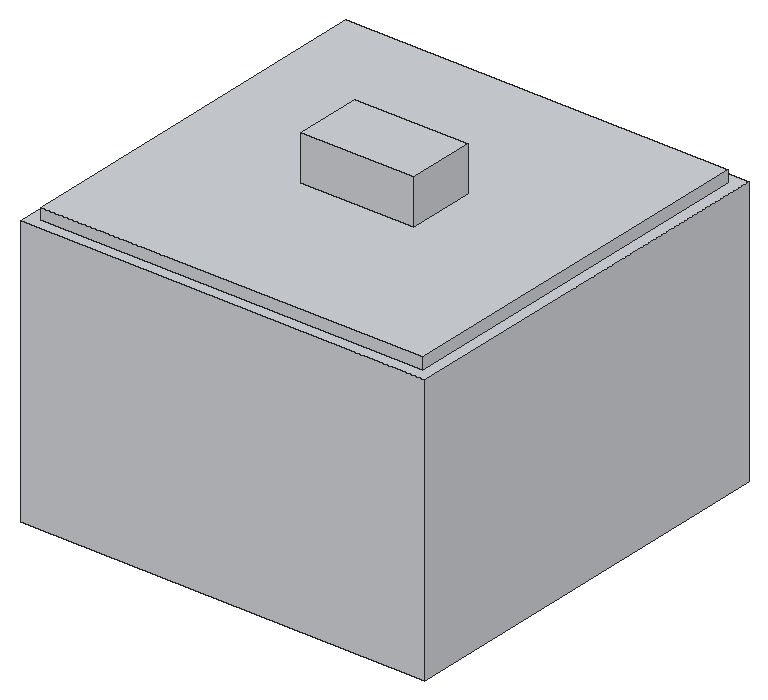
Revit family "e5b680122f734194922703aa4e52d37c", category Air Terminals, Revit 2021
Family settings
  Round Connector Dimension = Use Diameter
  Part Type = Normal
  OmniClass Number = 23.40.40.14.21.11
  OmniClass Title = Food Service Hoods
  Seek Item ID = Condensate Hood - Oven-0000-USA-ENU
  Work Plane-Based = No
  Always vertical = Yes
  Cut with Voids When Loaded = No
  Shared = No
  Room Calculation Point = No
Parameters (values of type "Standard")
  Pressure Drop [instance] = 0.55 in-wg
  Min Flow = 0 CFM
  Max Flow = 3200 CFM
  Hood Width [instance] = 3' - 0"
  Hood Material = none
  Hood Length [instance] = 3' - 0"
  Duct Width [instance] = 10"
  Duct Height [instance] = 6"
  Default Elevation = 0' - 0"
  Air Flow [instance] = 50 FPM * Hood Length * Hood Width  # 450 CFM
Reference planes (in)
  plane 1 "Center (Front/Back)": y = 0
  plane 2: z = 0
  plane 3 "Center (Left/Right)": x = 0
  plane 4: x = -18
  plane 5: x = 18
  plane 6: y = 18
  plane 7: y = -18
  plane 8: x = -17
  plane 9: x = 17
  plane 10: y = 17
  plane 11: y = -17
  plane 12: x = -5
  plane 13: x = 5
  plane 14: y = 3
  plane 15: y = -3
  plane 16: z = 24
  plane 17: z = 25
  plane 18: z = 29
Forms (in)
  Extrusion 1, solid, material <- "Hood Material"
    sketch origin (0, 0, 0) x (1, 0, 0) y (0, 1, 0)
      loop
        line (-18, 18) -> (-18, -18) -> (18, -18) -> (18, 18) -> (-18, 18)
    from 0 to 24
  Extrusion 2, solid, material <- "Hood Material"
    sketch origin (0, 0, 0) x (1, 0, 0) y (0, 1, 0)
      loop
        line (-17, 17) -> (-17, -17) -> (17, -17) -> (17, 17) -> (-17, 17)
    from 24 to 25
  Extrusion 3, solid, material <- "Hood Material"
    sketch origin (0, 0, 0) x (1, 0, 0) y (0, 1, 0)
      loop
        line (-5, 3) -> (-5, -3) -> (5, -3) -> (5, 3) -> (-5, 3)
    from 25 to 29
Cuts and joins
  joined: Extrusion 1, Extrusion 2, Extrusion 3
Dimensions and locks (in)
  equal spacing: plane 6, plane 1 "Center (Front/Back)", plane 7
  equal spacing: plane 4, plane 3 "Center (Left/Right)", plane 5
  "Hood Length": plane 4 to plane 5
  "Hood Width": plane 6 to plane 7
  locked: plane 4 to plane 8 at 1
  locked: plane 9 to plane 5 at 1
  locked: plane 11 to plane 7 at 1
  locked: plane 6 to plane 10 at 1
  equal spacing: plane 12, plane 3 "Center (Left/Right)", plane 13
  equal spacing: plane 14, plane 1 "Center (Front/Back)", plane 15
  "Duct Width": plane 12 to plane 13
  "Duct Height": plane 14 to plane 15
  locked: level to plane 2
  locked: plane 16 to plane 2 at 24
  locked: plane 17 to plane 16 at 1
  locked: plane 18 to plane 16 at 5
  aligned and locked: plane 4 to Extrusion 1 sketch curve
  aligned and locked: Extrusion 1 sketch curve to plane 6
  aligned and locked: plane 7 to Extrusion 1 sketch curve
  aligned and locked: Extrusion 1 sketch curve to plane 5
  aligned and locked: plane 8 to Extrusion 2 sketch curve
  aligned and locked: Extrusion 2 sketch curve to plane 10
  aligned and locked: plane 11 to Extrusion 2 sketch curve
  aligned and locked: Extrusion 2 sketch curve to plane 9
  aligned and locked: plane 12 to Extrusion 3 sketch curve
  aligned and locked: Extrusion 3 sketch curve to plane 14
  aligned and locked: plane 15 to Extrusion 3 sketch curve
  aligned and locked: Extrusion 3 sketch curve to plane 13
  aligned and locked: plane 18 to Extrusion 3
  aligned and locked: Extrusion 3 to plane 17
  aligned and locked: Extrusion 2 to Extrusion 3
  aligned and locked: Extrusion 2 to plane 16
  aligned and locked: Extrusion 1 to Extrusion 2
  aligned and locked: Extrusion 1 to level
Connectors (in)
  hvac at (0, 0, 29), driven by "Pressure Drop", driven by "Air Flow", driven by "Duct Height", driven by "Duct Width"
    settings: on Extrusion 3, index 1, duct flow 450 CFM, flow factor 0, pres drop 0.55 in-wg, loss coef 0, conn angle 0.00°, conn width 10", conn height 6", conn diameter 24", duct sys type 3, conn prof type 1, flow config 1, flow direction 2, loss method 4, conn ref index -1, conn util no, is conn primary yes, conn desc ""
